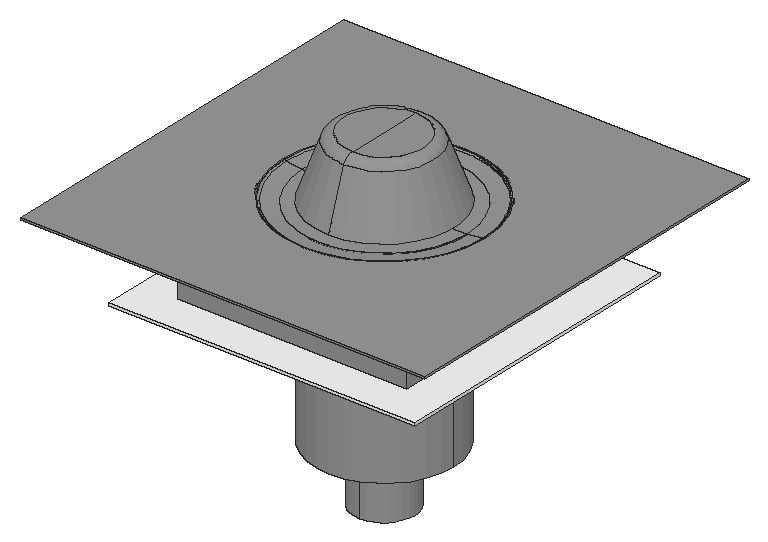
Revit family "HL_RU_Roof drain_HL63H-B-221103", category Sanitärinstallationen, Revit 2020
Family settings
  Bemaßung runder Anschluss = Durchmesser verwenden
  Teiletyp = Normal
  OmniClass-Nummer = 23.70.50.21.24.14
  OmniClass-Titel = Deck Waste Water Drains
  Arbeitsebenenbasiert = Nein
  Immer vertikal = Ja
  Beim Laden mit Abzugskörper schneiden = Nein
  Gemeinsam genutzt = Nein
  Raumberechnungspunkt = Ja
Parameters (values of type "HL_Кровельная воронка_HL63H_7")
  РЕШЁТКА = "Laubfangkorb d 145 mm"
  РАЗМЕР = "DN75"
  ПРОПУСКНАЯ СПОСОБНОСТЬ [instance] = 0.0 L/s
  ПРОИЗВОДИТЕЛЬНОСТЬ = "8,6 l/s"
  ПРАВОВАЯ ИНФОРМАЦИЯ = "Авторские права(©), права на дизайн или какие либо другие права интелектуальной собственности являются исключительной собственностью компании HL Hutterer & Lechner. Изменению не подлежит. Файл семейства с данными о прозводителе изделия защищен паролем с водяным знаком."
  НОМИНАЛЬНЫЙ ДИАМЕТР = 75 mm
  МАТЕРИАЛ = "PP"
  ВЫСОТА МОНТАЖА = "266-326 mm"
  ВЕС = "3,57 [kg]"
  Vorgabe-Ansicht = 0 mm
  Hersteller = "HL Hutterer & Lechner GmbH"  # constant formula
  URL = "http://www.hutterer-lechner.com/ru/products/catalog/roof-drains/HL63H/7.aspx"
  Материал плитка [instance] = none
  Lüftungsverbindung = no
  Abwasserrohrverbindung = yes
  HW-Verbindung = no
  KW-Verbindung = no
  Beschreibung = "Кровельные воронки"
  Model = "HL63H_7"
  Assembly Code = " "
  Typenkommentare = "HL63H/7 Кровельная воронка DrainBox DN75 с битумным полотном.,"
  Keynote = "HL63H_7"
  Bысота монтажа [instance] = 100 mm
  G [instance] = 180.00°  # constant formula
  EAN = "9003076806324"
  D [instance] = 236 mm
  C [instance] = if(Bысота монтажа - 68 mm < 0 mm, 0 mm, Bысота монтажа - 68 mm)  # 32 mm
  B [instance] = 100 mm  # constant formula
  A [instance] = if(B - 100 mm > 15 mm, B - 100 mm, 15 mm)  # 15 mm
Types (4, lengths in mm): name | РАЗМЕР | ПРОИЗВОДИТЕЛЬНОСТЬ | НОМИНАЛЬНЫЙ ДИАМЕТР | ВЕС | URL | Model | Typenkommentare | Keynote | EAN
  (no name) | "DN75" | "8,6 l/s" | 75 | "3,57 [kg]" | "http://www.hutterer-lechner.com/ru/products/catalog/roof-drains/HL63H/7.aspx" | "HL63H_7" | "HL63H/7 Кровельная воронка DrainBox DN75 с битумным полотном.," | "HL63H_7" | "9003076806324"
  HL_Кровельная воронка_HL63H_1 | "DN110" | "8,7 l/s" | 110 | "3,6 [kg]" | "http://www.hutterer-lechner.com/ru/products/catalog/roof-drains/HL63H/1.aspx" | "HL63H_1" | "HL63H/1 Кровельная воронка DrainBox DN110 с битумным полотном.," | "HL63H_1" | "9003076816323"
  HL_Кровельная воронка_HL63H_2 | "DN125" | "12,2 l/s" | 125 | "3,62 [kg]" | "http://www.hutterer-lechner.com/ru/products/catalog/roof-drains/HL63H/2.aspx" | "HL63H_2" | "HL63H/2 Кровельная воронка DrainBox DN125 с битумным полотном.," | "HL63H_2" | "9003076826322"
  HL_Кровельная воронка_HL63H_7 | "DN75" | "8,6 l/s" | 75 | "3,57 [kg]" | "http://www.hutterer-lechner.com/ru/products/catalog/roof-drains/HL63H/7.aspx" | "HL63H_7" | "HL63H/7 Кровельная воронка DrainBox DN75 с битумным полотном.," | "HL63H_7" | "9003076806324"
Reference planes
  plane 1 "Center (Front/Back)": y = 0
  plane 2: z = 0
  plane 3 "Center (Left/Right)": x = 0
  plane 4: z = -100
  plane 5: z = -100
Lines and regions (mm)
  model lines, style "InvisibleLines"
    curve 1: line (0, 0, 0) -> (0, 0, 20)
  model lines, style "PlumbingFixtures", detail levels coarse+medium
    curve 2: line (0, 0, -100) -> (0, 0, -85)
    curve 3: line (0, 0, -85) -> (-85, 0, 0)
    curve 4: line (0, 0, -85) -> (85, 0, 0)
    curve 6: line (0, 0, -100) -> (0, 0, -336)
  reference lines, not visible
    curve 5: line (0, 0, -100) -> (0, 0, -336)
  symbolic lines, style "PlumbingFixtures", detail levels coarse+medium
    curve 7: line (-75, 75, 0) -> (75, 75, 0)
    curve 8: line (-75, -75, 0) -> (-75, 75, 0)
    curve 9: line (75, -75, 0) -> (-75, -75, 0)
    curve 10: line (75, 75, 0) -> (75, -75, 0)
    curve 11: line (-75, 75, 0) -> (-145.711, 145.711, 0)
    curve 12: line (75, 75, 0) -> (145.711, 145.711, 0)
    curve 13: line (-75, -75, 0) -> (-145.711, -145.711, 0)
    curve 14: line (75, -75, 0) -> (145.711, -145.711, 0)
  symbolic lines, style "PlumbingFixtures", not visible, detail levels coarse+medium
    curve 15: line (-75, 75, 0) -> (75, 75, 0)
    curve 16: line (-75, -75, 0) -> (-75, 75, 0)
    curve 17: line (75, -75, 0) -> (-75, -75, 0)
    curve 18: line (75, 75, 0) -> (75, -75, 0)
    curve 19: line (-75, 75, 0) -> (-145.711, 145.711, 0)
    curve 20: line (75, 75, 0) -> (145.711, 145.711, 0)
    curve 21: line (-75, -75, 0) -> (-145.711, -145.711, 0)
    curve 22: line (75, -75, 0) -> (145.711, -145.711, 0)
Text (mm)
  text "FLOOR" at (-162.344, 0, -10.979), in view "Drain Construction View"
Dimensions and locks
  "B": plane 2 to plane 4
  "Bысота монтажа": plane 2 to plane 5
  "A": curve 4 to plane 4
  "D": curve 5 to curve 5
  "D": curve 6 to curve 6
  locked: curve 4 to plane 3 "Center (Left/Right)" (angle 45.00°)
  locked: plane 3 "Center (Left/Right)" to curve 3 (angle 45.00°)
  "G": angle curve 5 to plane 3 "Center (Left/Right)"
  aligned and locked: level to plane 2
  aligned and locked: plane 2 to curve 4
  aligned and locked: plane 2 to curve 3
  aligned and locked: plane 4 to curve 5
  aligned and locked: plane 3 "Center (Left/Right)" to curve 5
  aligned and locked: plane 4 to curve 2
  aligned and locked: curve 6 to plane 3 "Center (Left/Right)"
  aligned and locked: curve 6 to plane 4
  aligned and locked: nested 1 to plane 2
  aligned and locked: plane 2 to nested 2
  aligned and locked: plane 3 "Center (Left/Right)" to nested 2
Automatic sketch dimensions
  curve 2 to plane 3 "Center (Left/Right)" = 0 mm
  curve 1 to plane 3 "Center (Left/Right)" = 0 mm
  curve 1 to level = 0 mm
  level to curve 1 = 20 mm
Nested families
  nested 1: "HL_кровельные воронки - корпус_HL63H" at (0, 0, 0), Bысота Монтажа <- "Bысота монтажа", НОМИНАЛЬНЫЙ ДИАМЕТР <- "НОМИНАЛЬНЫЙ ДИАМЕТР", type "HL_кровельные воронки - корпус_HL63H"
    with НОМИНАЛЬНЫЙ ДИАМЕТР 75 mm, L2 2.5 mm, L 100 mm, IHmin 266 mm, IHmax 326 mm, Bысота Монтажа 100 mm
  nested 2: "HL_Вспомогательные материалы-Противопожарная защита_HL062.1E" at (0, 0, 0), type "HL_Вспомогательные материалы-Противопожарная защита_HL062.1E"
Connectors
  piping at (0, 0, -336), diameter 75, driven by "ПРОПУСКНАЯ СПОСОБНОСТЬ", driven by "НОМИНАЛЬНЫЙ ДИАМЕТР"
    settings: on curve 5, index 1, connector inside diameter 609.6 mm, connector length 0 mm, flow factor 0, pipe flow 0.0 L/s, pressure drop 0.0 Pa, fitting loss kfactor 0, connector angle 0.00°, fixture units 0, engagement length 0 mm, angle of deflection 0.00°, flow configuration 1, flow direction 2, fitting loss method 0, system type 16, joint type 0, gender type 0, connector reference index -1, connector utility 0, adjustable connector yes, is connector primary yes, connector description ""
Definition of nested family "HL_кровельные воронки - корпус_HL63H"
  Parameters (values of type "HL_кровельные воронки - корпус_HL63H")
    НОМИНАЛЬНЫЙ ДИАМЕТР [instance] = 110 mm
    Default Elevation = 0 mm
    Manufacturer = ""
    URL = ""
    Description = ""
    Model = ""
    L2 [instance] = if((L = 0 mm), 0 mm, 2.5 mm)  # 2.5 mm
    L [instance] = if(Bысота Монтажа < (IHmin - 166 mm), 0 mm, if(Bысота Монтажа > (IHmax - 166 mm) + 0.1 mm, 0 mm, Bысота Монтажа + 0 mm))  # 100 mm
    Type Comments = ""
    Bысота Монтажа [instance] = 100 mm
    IHmin [instance] = 266 mm
    IHmax [instance] = 326 mm
    Cost = 0
  Reference planes
    plane 1 "Střed (vpředu/vzadu)": y = 0
    plane 2: z = 0
    plane 3 "Střed (vlevo/vpravo)": x = 0
  Forms (mm)
    Revolve 1, solid, detail levels fine
      sketch origin (0, 0, 0) x (1, 0, 0) y (0, 0, 1)
        loop
          line (0, -270.998) -> (0, -95.75) -> (-59.378, -95.75) -> (-59.378, -78.693) -> (-77.654, -39.5) -> (-77.654, -29.5) -> (-85.59, -29.5) -> (-85.59, -99.5) -> (-85.59, -265.5) -> (-62.697, -265.5) -> (-62.697, -270.998) -> (0, -270.998)
        axis (0, -29.5) -> (0, -270.998)
      angle from 0 to 360
    Revolve 2, solid, detail levels fine
      sketch origin (0, 0, 0) x (1, 0, 0) y (0, 0, 1)
        loop
          line (-124.468, 1.671) -> (-124.468, 0.302) -> (-102.57, -2) -> (-79.801, -21.792) -> (-75.794, -29.329) -> (-74.892, -29.329) -> (-74.892, -25.368) -> (-75.97, -23.829) -> (-77.239, -23.829) -> (-79.207, -21.861) -> (-79.207, -4.547) -> (-81.773, -1.49) -> (-101.773, -1.49) -> (-121.42, 0.575) -> (-123.318, 1.671) -> (-124.468, 1.671)
        axis (0, 1.671) -> (0, -29.329)
      angle from 0 to 360
    Extrusion 3, solid, detail levels fine
      sketch origin (0, 0, 0) x (1, 0, 0) y (0, 1, 0)
        loop
          line (-250, 250) -> (-250, -250) -> (250, -250) -> (250, 250) -> (-250, 250)
        loop
          circle (0, 0) r 125
      from 0 to 2
    Extrusion 4, solid, detail levels fine
      sketch origin (0, 0, 0) x (1, 0, 0) y (0, 1, 0)
        loop
          line (179, 179) -> (-179, 179) -> (-179, -179) -> (179, -179) -> (179, 179)
        loop
          circle (0, 0) r 127.522
      from 0 to -3
    Extrusion 5, solid, detail levels fine
      sketch origin (0, 0, -3) x (0, 1, 0) y (1, 0, 0)
        loop
          line (142, -142) -> (142, 142) -> (-142, 142) -> (-142, -142) -> (142, -142)
        loop
          line (137.832, -138.014) -> (137.832, 138.433) -> (-138.968, 138.433) -> (-138.968, -138.014) -> (137.832, -138.014)
      from 0 to 94
    Extrusion 6, solid, detail levels fine
      sketch origin (0, 189, -100) x (0, -1, 0) y (1, 0, 0)
        loop
          line (0, -189) -> (378, -189) -> (378, 189) -> (0, 189) -> (0, -189)
      from 0 to 2.5 <- "L2"
    Extrusion 7, solid, detail levels fine
      sketch origin (0, 189, -100) x (0, -1, 0) y (1, 0, 0)
        loop
          line (327.968, 138.433) -> (51.168, 138.433) -> (51.168, -138.014) -> (327.968, -138.014) -> (327.968, 138.433)
        loop
          line (59.249, -129.76) -> (318.312, -129.76) -> (318.312, 129.634) -> (59.249, 129.634) -> (59.249, -129.76)
      from 2.5 to 62.5
    Extrusion 8, solid, detail levels fine
      sketch origin (0, 0, -270.998) x (0, 1, 0) y (1, 0, 0)
        loop
          circle (0, 0) r 55
      from 0 to 65
  Lines and regions (mm)
    reference lines, not visible
      curve 1: line (0, 189, -100) -> (0, -281, -100)
  Dimensions and locks
    "L": curve 1 to plane 2
    "НОМИНАЛЬНЫЙ ДИАМЕТР": diameter of Extrusion 8 sketch curve
    aligned and locked: level to plane 2
  Automatic sketch dimensions
    Revolve 2 sketch curve to plane 3 "Střed (vlevo/vpravo)" = 0 mm
    Revolve 2 sketch curve to level = 29.329 mm
    Revolve 2 sketch curve to plane 3 "Střed (vlevo/vpravo)" = 74.892 mm
    Revolve 2 sketch curve to Revolve 2 sketch curve = 0.901 mm
    Revolve 2 sketch curve to level = 23.829 mm
    Revolve 2 sketch curve to Revolve 2 sketch curve = 1.077 mm
    Revolve 2 sketch curve to Revolve 2 sketch curve = 1.269 mm
    Revolve 2 sketch curve to level = 21.861 mm
    Revolve 2 sketch curve to Revolve 2 sketch curve = 1.969 mm
    Revolve 2 sketch curve to level = 21.792 mm
    Revolve 2 sketch curve to Revolve 2 sketch curve = 0.594 mm
    Revolve 2 sketch curve to level = 1.49 mm
    Revolve 2 sketch curve to Revolve 2 sketch curve = 2.565 mm
    Revolve 2 sketch curve to Revolve 2 sketch curve = 20 mm
    Revolve 2 sketch curve to level = 2 mm
    Revolve 2 sketch curve to Revolve 2 sketch curve = 0.797 mm
    level to Revolve 2 sketch curve = 0.575 mm
    Revolve 2 sketch curve to Revolve 2 sketch curve = 18.85 mm
    level to Revolve 2 sketch curve = 1.671 mm
    Revolve 2 sketch curve to Revolve 2 sketch curve = 1.898 mm
    Revolve 2 sketch curve to Revolve 2 sketch curve = 1.15 mm
    Revolve 2 sketch curve to Revolve 2 sketch curve = 1.539 mm
    Revolve 2 sketch curve to Revolve 2 sketch curve = 3.057 mm
    level to Revolve 2 sketch curve = 0.302 mm
    Revolve 2 sketch curve to Revolve 2 sketch curve = 270.671 mm
    level to Revolve 2 sketch curve = 295.621 mm
    plane 1 "Střed (vpředu/vzadu)" to Extrusion 4 sketch curve = 0 mm
    Extrusion 4 sketch curve to plane 3 "Střed (vlevo/vpravo)" = 0 mm
    Extrusion 4 sketch curve to plane 3 "Střed (vlevo/vpravo)" = 179 mm
    plane 3 "Střed (vlevo/vpravo)" to Extrusion 4 sketch curve = 179 mm
    plane 1 "Střed (vpředu/vzadu)" to Extrusion 4 sketch curve = 179 mm
    Extrusion 4 sketch curve to plane 1 "Střed (vpředu/vzadu)" = 179 mm
    Extrusion 4 to Extrusion 5 sketch curve = 37 mm  (x2)
    Extrusion 5 sketch curve to Extrusion 5 sketch curve = 3.032 mm
    Extrusion 4 to Extrusion 5 sketch curve = 41.168 mm
    Extrusion 5 sketch curve to Extrusion 5 sketch curve = 4.168 mm
    Extrusion 5 sketch curve to Extrusion 5 sketch curve = 3.567 mm
    Extrusion 4 to Extrusion 5 sketch curve = 40.986 mm
    Extrusion 5 sketch curve to Extrusion 5 sketch curve = 3.986 mm
    curve 1 to Extrusion 6 sketch curve = 0 mm
    Extrusion 6 sketch curve to curve 1 = 189 mm
    curve 1 to Extrusion 6 sketch curve = 189 mm
    Extrusion 6 sketch curve to curve 1 = 92 mm
    Extrusion 6 to Extrusion 7 sketch curve = 51.168 mm
    Extrusion 7 sketch curve to Extrusion 7 sketch curve = 8.081 mm
    Extrusion 6 to Extrusion 7 sketch curve = 59.688 mm
    Extrusion 7 sketch curve to Extrusion 7 sketch curve = 9.657 mm
    Extrusion 6 to Extrusion 7 sketch curve = 50.986 mm
    Extrusion 7 sketch curve to Extrusion 7 sketch curve = 8.254 mm
    Extrusion 6 to Extrusion 7 sketch curve = 59.366 mm
    Extrusion 7 sketch curve to Extrusion 7 sketch curve = 8.799 mm
    plane 1 "Střed (vpředu/vzadu)" to Extrusion 3 sketch curve = 0 mm
    Extrusion 3 sketch curve to plane 3 "Střed (vlevo/vpravo)" = 0 mm
    Extrusion 3 sketch curve to plane 3 "Střed (vlevo/vpravo)" = 250 mm
    plane 3 "Střed (vlevo/vpravo)" to Extrusion 3 sketch curve = 250 mm
    plane 1 "Střed (vpředu/vzadu)" to Extrusion 3 sketch curve = 250 mm
    Extrusion 3 sketch curve to plane 1 "Střed (vpředu/vzadu)" = 250 mm
    Revolve 1 sketch curve to plane 3 "Střed (vlevo/vpravo)" = 0 mm  (x2)
    Revolve 1 sketch curve to plane 3 "Střed (vlevo/vpravo)" = 59.378 mm
    Revolve 1 sketch curve to plane 3 "Střed (vlevo/vpravo)" = 62.697 mm
    Revolve 1 sketch curve to Revolve 1 sketch curve = 18.276 mm
    Revolve 1 sketch curve to Revolve 1 sketch curve = 26.212 mm
    Revolve 1 sketch curve to level = 270.998 mm
    Revolve 1 sketch curve to Revolve 1 sketch curve = 5.498 mm
    Revolve 1 sketch curve to level = 99.5 mm
    Revolve 1 sketch curve to Revolve 1 sketch curve = 3.75 mm
    Revolve 1 sketch curve to Revolve 1 sketch curve = 17.057 mm
    Revolve 1 sketch curve to level = 39.5 mm
    Revolve 1 sketch curve to Revolve 1 sketch curve = 10 mm
    Revolve 1 sketch curve to Revolve 1 sketch curve = 0 mm
    level to Revolve 1 sketch curve = 295.621 mm
    plane 1 "Střed (vpředu/vzadu)" to curve 1 = 281 mm
    curve 1 to plane 1 "Střed (vpředu/vzadu)" = 189 mm
    Extrusion 8 sketch curve to Revolve 1 = 0 mm
    radius of Extrusion 4 sketch curve = 127.522 mm
    radius of Extrusion 3 sketch curve = 125 mm
Definition of nested family "HL_Вспомогательные материалы-Противопожарная защита_HL062.1E"
  Parameters
    ПРАВОВАЯ ИНФОРМАЦИЯ = ""
    ВЕС = "0,097 [kg]"
    Default Elevation = 0 mm
    Manufacturer = ""
    URL = ""
    Материал плитка = none
    Description = ""
    Model = ""
    Type Comments = "HL062.1E, domed plastic grate"
    Keynote = ""
    Пропускная способность [instance] = 0.0 L/s
    EAN = "9003076006212"
    Cost = 0
  Types (2, lengths in mm): name | ПРАВОВАЯ ИНФОРМАЦИЯ | Manufacturer | URL | Description | Model | Type Comments | Keynote
    (no name) | "" | "" | "" | "" | "" | "HL062.1E, domed plastic grate" | ""
    HL_Вспомогательные материалы-Противопожарная защита_HL062.1E | "Авторские права(©), права на дизайн или какие либо другие права интелектуальной собственности являются исключительной собственностью компании HL Hutterer & Lechner. Изменению не подлежит. Файл семейства с данными о прозводителе изделия защищен паролем с водяным знаком." | "HL Hutterer & Lechner GmbH" | "http://www.hutterer-lechner.com/ru/products/catalog/roof-drains/HL062.1E.aspx" | "Кровельные воронки" | "HL062.1E" | "HL062.1E, Листвоуловитель" | "HL062.1E"
  Reference planes
    plane 1 "Střed (vpředu/vzadu)": y = 0
    plane 2: z = 0
    plane 3 "Střed (vlevo/vpravo)": x = 0
  Forms (mm)
    Revolve 1, solid, detail levels fine
      sketch origin (0, 0, 0) x (0, 1, 0) y (0, 0, 1)
        loop
          line (0, 75) -> (0, 60.2) -> (47.074, 60.2) -> (68.985, 0) -> (86.249, 0) -> (61.992, 66.646)
          arc (61.992, 66.646) -> (56.733, 72.731) -> (49.016, 75) r 14.255
          line (49.016, 75) -> (0, 75)
        axis (0, 75) -> (0, 0)
      angle from 0 to 360
    Extrusion 2, solid, detail levels fine
      sketch origin (0, 0, 0) x (0, 1, 0) y (1, 0, 0)
        loop
          circle (0, 0) r 78.587
        loop
          circle (0, 0) r 70.981
      from 0 to 16.7
    Extrusion 3, solid, detail levels fine
      sketch origin (0, 0, -16.7) x (-1, 0, 0) y (0, 1, 0)
        loop
          circle (0, 0) r 70
        loop
          circle (0, 0) r 74.546
      from 0 to 12.3
  Dimensions and locks
    aligned and locked: level to plane 2
